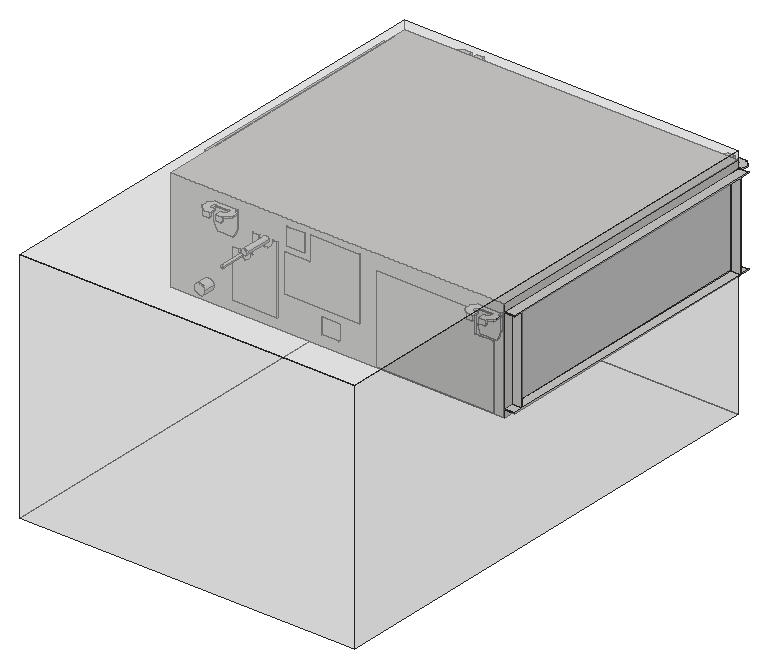
Revit family "outputfile", category 機械設備, Revit 2024
Family settings
  丸型コネクタ寸法 = 半径を使用
  パーツ タイプ = 標準
  OmniClass 番号 = 23.75.10.24.21.27.27
  OmniClass タイトル = Split System Air Conditioning Units
  作業面ベース = いいえ
  常に垂直 = はい
  ロード時にボイドで切り取り = いいえ
  注釈の向きを維持 = いいえ
  共有 = いいえ
  部屋計算ポイント = はい
Parameters (values of type "FBFC60DVM9")
  Description = ""
  製造元 = "Daikin"
  書き出し IFC クラス(タイプ) = "IfcUnitaryEquipmentType"
  定義済み IFC タイプ(タイプ) = "AIRCONDITIONINGUNIT"
  Cost = 0
  モデル = "FBFC60DVM9"
  Type Comments = ""
  Keynote = ""
  Type Image = (empty or 0)
  Assembly Code = ""
  switch_frequency = yes
  r_Liquid Pipe Size = Liquid Pipe Size / 2  # 3.2 mm
  r_Gas Pipe Size = Gas Pipe Size / 2  # 6.35 mm
  r_Drain Pipe Size = Drain Pipe Size / 2  # 12.5 mm
  lw_power = 770.0 mm  # constant formula
  lh_SA = 138.0 mm  # constant formula
  lw_SA = if(Depth = 550.0 mm, 225.0 mm, if(Depth = 700.0 mm, 300.0 mm, if(Depth = 1000.0 mm, 450.0 mm, if(Depth = 1400.0 mm, 650.0 mm, 725.0 mm))))  # 300.0 mm
  lw_RA = if(Depth = 550.0 mm, 275.0 mm, if(Depth = 700.0 mm, 349.0 mm, if(Depth = 1000.0 mm, 499.0 mm, if(Depth = 1400.0 mm, 699.0 mm, 775.0 mm))))  # 349.0 mm
  lh_power = 60.0 mm + [h***]  # 60.0 mm
  lh_mountinghole1 = lh_mountinghole + [h***]  # 222.0 mm
  lh_RA = 123.0 mm  # constant formula
  ld_power = Depth / 2  # 350.0 mm
  connector_voltage = Voltage_50Hz  # 230 V
  connector_powerinput = [Power Input (Cooling)]  # 0.000 kW
  connector_phase = Phase_50Hz  # 1
  Voltage_comment_50Hz = "220 - 240"
  Voltage_50Hz = 230 V
  URL = ""
  Supply Air Direction [instance] = yes
  Sound Power Level_H speed (dB) = 0
  Phase_50Hz = 1
  Minimum External Static Pressure = 30.00 Pa
  Minimum Circuit Amps_50Hz = 0.0 A
  Maximum Fuse Amps_50Hz = 0.0 A
  Maximum External Static Pressure = 130.00 Pa
  Material_Casing = DAIKIN_GalvanizedSteel_Casing_indoorunit
  lw_mountinghole = 630.0 mm  # constant formula
  lh_gaspipe = 183.0 mm + [h***]  # 183.0 mm
  lh_mountinghole = 222.0 mm  # constant formula
  lh_liquidpipe = 136.0 mm + [h***]  # 136.0 mm
  lh_drainpipe = 38.0 mm + [h***]  # 38.0 mm
  lh_antena = Height - lh_mountinghole + 1.0 mm  # 24.0 mm
  ld_drainpipe = Depth / 2 + 26.0 mm  # 376.0 mm
  ld_liquidpipe = Depth / 2 + 69.0 mm  # 419.0 mm
  ld_gaspipe = Depth / 2 + 65.0 mm  # 415.0 mm
  ld_mountinghole = Depth + 38.0 mm  # 738.0 mm
  h*** = 0.0 mm  # constant formula
  lw_liquidpipe = 179.0 mm  # constant formula
  lw_gaspipe = 229.0 mm  # constant formula
  lw_drainpipe = 91.0 mm  # constant formula
  Width = 800.0 mm
  Version = "ver.1.0"
  Unit Type = "M.S.P. Duct"
  Unit Mass Weight = 26.00 kg
  Unit Designation [instance] = ""
  Uniclass2015Version = "Products v1.30"
  Uniclass2015Title = "Split coil room air conditioning units"
  Uniclass2015Code = "Pr_70_65_03_86"
  Total Cooling Capacity [instance] = 0.000 kW
  Sound Pressure Level_M speed (dBA) = 35
  Sound Pressure Level_L speed (dBA) = 30
  Sound Pressure Level_H speed (dBA) = 37
  Series = "SkyAir_Fan Coil Unit"
  Sensible Cooling Capacity [instance] = 0.000 kW
  SA Duct Size Width = 492.0 mm
  SA Duct Size Height = 176.0 mm
  Refrigerant Type = "R32"
  RA Duct Size Width = 654.0 mm
  RA Duct Size Height = 208.0 mm
  Power Input (Cooling) = 0.000 kW
  Option Accessory 3 [instance] = ""
  Option Accessory 2 [instance] = ""
  Option Accessory 1 [instance] = ""
  Nominal Cooling Capacity = 6.000 kW
  Minimum Airflow = 540.00 m³/h
  Median Airflow = 720.00 m³/h
  Maximum Airflow = 930.00 m³/h
  Load Classification = HVAC
  Liquid Pipe Size = 6.4 mm
  Link_Nested Family [instance] = ""
  IfcVersion = ""
  IfcExportType = "AIRCONDITIONINGUNIT"
  IfcExportAs = "IfcUnitaryEquipmentType"
  Height = 245.0 mm
  Heat Exchanger Type = "Cross Fin Coil"
  Gas Pipe Size = 12.7 mm
  Frequency_50Hz = 50 Hz
  Fan Type = "Sirocco Fan"
  Fan Drive = "Direct Drive"
  FCU Tag No. [instance] = ""
  Drain Pipe Size = 25.0 mm
  Design Supply Airflow [instance] = 0.00 m³/h
  Design Return Airflow [instance] = 0.00 m³/h
  Design External Static Pressure [instance] = 0.00 Pa
  Depth = 700.0 mm
  既定の高さ = 0.0 mm
  Cooling Entering Wet Bulb Temperature [instance] = 0.00 °C
  Cooling Entering Dry Bulb Temperature [instance] = 0.00 °C
  Cooling Ambient Wet Bulb Temperature [instance] = 0.00 °C
  Cooling Ambient Dry Bulb Temperature [instance] = 0.00 °C
  Clearance visibility [instance] = yes
  Clearance Top = 20.0 mm
  Clearance Right = 0.0 mm
  Clearance Rear = 0.0 mm
  Clearance Left = 0.0 mm
  Clearance Front = 450.0 mm
  Clearance Bottom = 300.0 mm
Reference planes
  plane 1 "Center (Front/Back)": y = 0
  plane 2 "h": z = 0
  plane 3 "Center (Left/Right)": x = 0
  plane 4 "Back": y = 350
  plane 5 "Front": y = -350
  plane 6 "Left": x = -400
  plane 7 "Right": x = 400
  plane 8 "Top": z = 0
  plane 9 "Bottom": z = -245
  plane 10: y = -215
  plane 11: y = 350
  plane 12: y = -800
  plane 13: x = -400
  plane 14: x = 400
  plane 15: z = 20
  plane 16: z = -545
  plane 17: x = -400
  plane 18: x = -399
  plane 19: x = 399
  plane 20: y = 50
  plane 21: y = -1
  plane 22: z = -122
  plane 23: y = -351
  plane 24: z = -109
  plane 25: x = -221
  plane 26: y = -415
  plane 27: z = -62
  plane 28: x = -171
  plane 29: y = -376
  plane 30: z = -207
  plane 31: x = -309
  plane 32: x = -309
  plane 33: x = -221
  plane 34: x = -171
  plane 35: x = 370
  plane 36: x = -266
  plane 37: x = 364
  plane 38: y = -369
  plane 39: y = 369
  plane 40: z = -23
  plane 41: z = -107
  plane 42: y = -419
  plane 43: y = -376
  plane 44: x = -251
  plane 45: x = -203
  plane 46: x = -144
  plane 47: z = -59
  plane 48: z = -106
  plane 49: z = -221
  plane 50: z = -109
  plane 51: x = -221
  plane 52: z = -62
  plane 53: x = -171
  plane 54: z = -17
  plane 55: z = -59
  plane 56: x = -121
  plane 57: x = -79
  plane 58: x = -125
  plane 59: x = -64
  plane 60: x = 53
  plane 61: z = -164
  plane 62: z = -73
  plane 63: z = -16
  plane 64: x = 93.5
  plane 65: x = 374.5
  plane 66: x = 330
  plane 67: z = -88.5
  plane 68: z = -38
  plane 69: z = -242.5
  plane 70: x = -38.5
  plane 71: x = 6.5
  plane 72: z = -181
  plane 73: z = -221
  plane 74: y = -349
  plane 75: x = -424
  plane 76: x = 424
Forms (mm)
  Extrusion 1, solid, material "DAIKIN_GalvanizedSteel_Casing_indoorunit" <- "Material_Casing"
    sketch origin (0, 0, 0) x (1, 0, 0) y (0, 1, 0)
      loop
        line (-399, 350) -> (-399, -350) -> (399, -350) -> (399, 350) -> (-399, 350)
    from -245 to 0
  Extrusion 2, solid, material "DAIKIN_GalvanizedSteel_Casing_indoorunit" <- "Material_Casing"
    sketch origin (0, 0, 0) x (1, 0, 0) y (0, 0, 1)
      loop
        line (-251, -221) -> (-144, -221) -> (-144, -59) -> (-154.47, -59)
        arc (-154.47, -59) -> (-171, -78.8) -> (-187.53, -59) r 16.8
        line (-187.53, -59) -> (-203, -59) -> (-203, -106) -> (-206.916, -106)
        arc (-206.916, -106) -> (-221, -123.4) -> (-235.084, -106) r 14.4
        line (-235.084, -106) -> (-251, -106) -> (-251, -221)
    from 350 to 351
  Extrusion 3, solid, material "DAIKIN_GalvanizedSteel_Casing_indoorunit" <- "Material_Casing"
    sketch origin (0, 0, 0) x (1, 0, 0) y (0, 0, 1)
      loop
        line (-121, -17) -> (-121, -59) -> (-79, -59) -> (-79, -17) -> (-121, -17)
      loop
        line (-125, -73) -> (-125, -164) -> (53, -164) -> (53, -16) -> (-64, -16) -> (-64, -73) -> (-125, -73)
    from 350 to 351
  Extrusion 4, solid, material "DAIKIN_GalvanizedSteel_Casing_indoorunit" <- "Material_Casing"
    sketch origin (0, 0, 0) x (1, 0, 0) y (0, 0, 1)
      loop
        line (93.5, -38) -> (93.5, -242.5) -> (374.5, -242.5) -> (374.5, -88.5) -> (330, -88.5) -> (330, -38) -> (93.5, -38)
    from 350 to 351
  Extrusion 5, solid, material "DAIKIN_GalvanizedSteel_Casing_indoorunit" <- "Material_Casing"
    sketch origin (0, 0, 0) x (1, 0, 0) y (0, 0, 1)
      loop
        circle (-221, -109) r 3.2
    from 350 to 419
  Extrusion 6, solid, material "DAIKIN_GalvanizedSteel_Casing_indoorunit" <- "Material_Casing"
    sketch origin (0, 0, 0) x (1, 0, 0) y (0, 0, 1)
      loop
        circle (-171, -62) r 6.35
    from 350 to 415
  Extrusion 7, solid, material "DAIKIN_GalvanizedSteel_Casing_indoorunit" <- "Material_Casing"
    sketch origin (0, 0, 0) x (1, 0, 0) y (0, 0, 1)
      loop
        circle (-309, -207) r 12.5
    from 350 to 376
  Extrusion 8, void
    sketch origin (0, 0, 0) x (1, 0, 0) y (0, 0, 1)
      loop
        line (-38.5, -181) -> (-38.5, -221) -> (6.5, -221) -> (6.5, -181) -> (-38.5, -181)
    from 349 to 350
Cuts and joins
  Extrusion 8 cuts Extrusion 1
Dimensions and locks
  "Height": plane 8 "Top" to plane 9 "Bottom"
  equal spacing: plane 4 "Back", plane 1 "Center (Front/Back)", plane 5 "Front"
  "Depth": plane 4 "Back" to plane 5 "Front"
  equal spacing: plane 6 "Left", plane 3 "Center (Left/Right)", plane 7 "Right"
  "Width": plane 6 "Left" to plane 7 "Right"
  "Clearance Left": plane 13 to plane 6 "Left"
  "Clearance Right": plane 7 "Right" to plane 14
  "Clearance Rear": plane 11 to plane 4 "Back"
  "Clearance Front": plane 5 "Front" to plane 12
  "Clearance Top": plane 15 to plane 8 "Top"
  "Clearance Bottom": plane 9 "Bottom" to plane 16
  locked: plane 17 to plane 18 at 1
  locked: plane 19 to plane 14 at 1
  "lw_SA": plane 11 to plane 20
  "lw_RA": plane 21 to plane 5 "Front"
  "lh_RA": plane 22 to plane 9 "Bottom"
  locked: plane 5 "Front" to plane 23 at 1
  "lw_liquidpipe": plane 25 to plane 6 "Left"
  "lh_liquidpipe": plane 24 to plane 9 "Bottom"
  "lh_gaspipe": plane 27 to plane 9 "Bottom"
  "lw_gaspipe": plane 28 to plane 6 "Left"
  "ld_gaspipe": plane 26 to plane 1 "Center (Front/Back)"
  "ld_drainpipe": plane 29 to plane 1 "Center (Front/Back)"
  "lh_drainpipe": plane 30 to plane 9 "Bottom"
  "lw_drainpipe": plane 31 to plane 6 "Left"
  "lw_drainpipe": plane 6 "Left" to plane 32
  "lw_liquidpipe": plane 6 "Left" to plane 33
  "lw_gaspipe": plane 6 "Left" to plane 34
  "lw_power": plane 6 "Left" to plane 35
  locked: plane 17 to plane 36 at 134
  "lw_mountinghole": plane 36 to plane 37
  equal spacing: plane 38, plane 1 "Center (Front/Back)", plane 39
  "ld_mountinghole": plane 39 to plane 38
  "lh_mountinghole": plane 40 to plane 9 "Bottom"
  "lh_SA": plane 41 to plane 9 "Bottom"
  plane 46 to plane 45 to plane 44 to plane 6 "Left" = 59.0 mm, 48.0 mm, 149.0 mm
  plane 8 "Top" to plane 47 to plane 48 to plane 49 = 59.0 mm locked, 47.0 mm locked, 115.0 mm locked
  plane 53 to plane 51 to plane 6 "Left" = 50.0 mm locked, 179.0 mm locked
  plane 52 to plane 50 to plane 9 "Bottom" = 47.0 mm locked, 136.0 mm locked
  plane 57 to plane 56 to plane 6 "Left" = 42.0 mm locked, 279.0 mm locked
  plane 8 "Top" to plane 54 to plane 55 = 17.0 mm locked, 42.0 mm locked
  plane 60 to plane 59 to plane 58 to plane 6 "Left" = 117.0 mm, 61.0 mm, 275.0 mm
  plane 8 "Top" to plane 63 to plane 62 = 16.0 mm locked, 57.0 mm locked
  locked: plane 63 to plane 61 at 148
  plane 8 "Top" to plane 68 to plane 67 to plane 69 = 38.0 mm locked, 50.5 mm locked, 154.0 mm locked
  plane 65 to plane 66 to plane 64 to plane 6 "Left" = 44.5 mm locked, 236.5 mm locked, 493.5 mm locked
  plane 8 "Top" to plane 72 to plane 73 = 181.0 mm locked, 40.0 mm locked
  plane 71 to plane 70 to plane 6 "Left" = 45.0 mm, 361.5 mm
  locked: plane 74 to plane 5 "Front" at 1
  locked: plane 75 to plane 17 at 24
  locked: plane 14 to plane 76 at 24
  "ld_liquidpipe": plane 42 to plane 1 "Center (Front/Back)"
  "r_Liquid Pipe Size": radius of Extrusion 5 sketch curve
  "r_Gas Pipe Size": radius of Extrusion 6 sketch curve
  "r_Drain Pipe Size": radius of Extrusion 7 sketch curve
  aligned and locked: level to plane 2 "h"
  aligned and locked: plane 8 "Top" to Extrusion 1
  aligned and locked: Extrusion 1 to plane 9 "Bottom"
  aligned and locked: nested 5 to plane 12
  aligned and locked: plane 13 to nested 5
  aligned and locked: plane 14 to nested 5
  aligned and locked: nested 5 to plane 13
  aligned and locked: plane 11 to nested 5
  aligned and locked: plane 15 to nested 5
  aligned and locked: plane 16 to nested 5
  aligned and locked: plane 5 "Front" to Extrusion 1 sketch curve
  aligned and locked: Extrusion 1 to plane 18
  aligned and locked: plane 19 to Extrusion 1
  aligned and locked: nested 7 to plane 18
  aligned and locked: nested 7 to plane 20
  aligned and locked: plane 19 to nested 8
  aligned and locked: plane 21 to nested 8
  aligned and locked: plane 22 to nested 8
  aligned and locked: Extrusion 2 to plane 23
  aligned and locked: plane 5 "Front" to Extrusion 2
  aligned and locked: Extrusion 3 to plane 23
  aligned and locked: plane 5 "Front" to Extrusion 3
  aligned and locked: plane 5 "Front" to Extrusion 4
  aligned and locked: Extrusion 5 sketch curve to plane 25
  aligned and locked: plane 24 to Extrusion 5 sketch curve
  aligned and locked: plane 5 "Front" to Extrusion 5
  aligned and locked: Extrusion 6 sketch curve to plane 28
  aligned and locked: plane 27 to Extrusion 6 sketch curve
  aligned and locked: plane 5 "Front" to Extrusion 6
  aligned and locked: Extrusion 7 sketch curve to plane 31
  aligned and locked: plane 30 to Extrusion 7 sketch curve
  aligned and locked: Extrusion 7 to plane 29
  aligned and locked: nested 3 to plane 29
  aligned and locked: plane 32 to nested 3
  aligned and locked: nested 2 to plane 33
  aligned and locked: nested 1 to plane 34
  aligned and locked: Extrusion 6 to plane 26
  aligned and locked: nested 1 to plane 26
  aligned and locked: nested 6 to plane 5 "Front"
  aligned and locked: nested 6 to plane 35
  aligned and locked: plane 36 to nested 10
  aligned and locked: nested 10 to plane 5 "Front"
  aligned and locked: plane 37 to nested 9
  aligned and locked: nested 9 to plane 5 "Front"
  aligned and locked: nested 11 to plane 36
  aligned and locked: plane 4 "Back" to nested 11
  aligned and locked: nested 12 to plane 37
  aligned and locked: plane 4 "Back" to nested 12
  aligned and locked: plane 40 to nested 10
  aligned and locked: plane 40 to nested 11
  aligned and locked: plane 40 to nested 9
  aligned and locked: plane 40 to nested 12
  aligned and locked: plane 36 to nested 14
  aligned and locked: nested 14 to plane 39
  aligned and locked: plane 37 to nested 13
  aligned and locked: nested 13 to plane 39
  aligned and locked: plane 37 to nested 16
  aligned and locked: plane 38 to nested 16
  aligned and locked: plane 38 to nested 15
  aligned and locked: plane 36 to nested 15
  aligned and locked: plane 17 to plane 6 "Left"
  aligned and locked: plane 41 to nested 7
  aligned and locked: Extrusion 5 to plane 42
  aligned and locked: nested 2 to plane 42
  aligned and locked: Extrusion 3 sketch curve to plane 54
  aligned and locked: Extrusion 3 sketch curve to plane 56
  aligned and locked: plane 55 to Extrusion 3 sketch curve
  aligned and locked: plane 57 to Extrusion 3 sketch curve
  aligned and locked: Extrusion 4 to plane 23
  aligned and locked: Extrusion 8 sketch curve to plane 72
  aligned and locked: plane 73 to Extrusion 8 sketch curve
  aligned and locked: plane 71 to Extrusion 8 sketch curve
  aligned and locked: plane 5 "Front" to Extrusion 8
  aligned and locked: plane 74 to Extrusion 8
  aligned and locked: nested 17 to plane 20
  aligned and locked: nested 17 to plane 75
  aligned and locked: plane 21 to nested 18
  aligned and locked: plane 76 to nested 18
  aligned and locked: plane 41 to nested 17
  aligned and locked: nested 18 to plane 22
  aligned and locked: nested 4 to plane 3 "Center (Left/Right)"
  aligned and locked: plane 1 "Center (Front/Back)" to nested 4
  aligned and locked: level to plane 8 "Top"
  aligned and locked: plane 5 "Front" to Extrusion 7
Automatic sketch dimensions
  plane 6 "Left" to Extrusion 1 sketch curve = 1.0 mm
  Extrusion 1 sketch curve to plane 7 "Right" = 1.0 mm
  Extrusion 1 sketch curve to plane 4 "Back" = 0.0 mm
  Extrusion 2 sketch curve to plane 44 = 0.0 mm
  Extrusion 2 sketch curve to plane 33 = 0.0 mm
  Extrusion 2 sketch curve to plane 45 = 0.0 mm
  Extrusion 2 sketch curve to plane 34 = 0.0 mm
  Extrusion 2 sketch curve to plane 46 = 0.0 mm
  Extrusion 2 sketch curve to plane 49 = 0.0 mm
  Extrusion 2 sketch curve to plane 50 = 0.0 mm
  Extrusion 2 sketch curve to plane 48 = 0.0 mm  (x3)
  Extrusion 2 sketch curve to plane 52 = 0.0 mm
  Extrusion 2 sketch curve to plane 47 = 0.0 mm  (x3)
  plane 33 to Extrusion 2 sketch curve = 14.084 mm
  plane 34 to Extrusion 2 sketch curve = 16.53 mm
  Extrusion 3 sketch curve to plane 58 = 0.0 mm
  Extrusion 3 sketch curve to plane 59 = 0.0 mm
  Extrusion 3 sketch curve to plane 60 = 0.0 mm
  Extrusion 3 sketch curve to plane 61 = 0.0 mm
  Extrusion 3 sketch curve to plane 62 = 0.0 mm
  Extrusion 3 sketch curve to plane 63 = 0.0 mm
  Extrusion 4 sketch curve to plane 64 = 0.0 mm
  Extrusion 4 sketch curve to plane 66 = 0.0 mm
  Extrusion 4 sketch curve to plane 65 = 0.0 mm
  Extrusion 4 sketch curve to plane 69 = 0.0 mm
  Extrusion 4 sketch curve to plane 67 = 0.0 mm
  Extrusion 4 sketch curve to plane 68 = 0.0 mm
  Extrusion 8 sketch curve to plane 70 = 0.0 mm
Nested families
  nested 1: "daikin_connector_rotate2" at (-171, 0, -62), length <- "ld_gaspipe", built-in parameter 1001364 <- "lh_gaspipe", radius <- "r_Gas Pipe Size", type "daikin_connector_rotate2"
    with radius 6.35 mm, length 415.0 mm, angle_vertical 90.00°
  nested 2: "daikin_connector_rotate2" at (-221, 0, -109), length <- "ld_liquidpipe", built-in parameter 1001364 <- "lh_liquidpipe", radius <- "r_Liquid Pipe Size", type "daikin_connector_rotate2"
    with radius 3.2 mm, length 419.0 mm, angle_vertical 90.00°
  nested 3: "daikin_connector_rotate2" at (-309, 0, -207), length <- "ld_drainpipe", built-in parameter 1001364 <- "lh_drainpipe", radius <- "r_Drain Pipe Size", type "daikin_connector_rotate2"
    with radius 12.5 mm, length 376.0 mm, angle_vertical 90.00°
  nested 4: "daikin_△_symbolicline" at (0, 0, 245) x (0, -1, 0) z (0, 0, 1), built-in parameter 1001364 <- "Height", visible <- "Supply Air Direction", type "daikin_△_symbolicline"
    with length 200.0 mm
  nested 5: "daikin_clearancespace" at (0, -225, -262.381), visible <- "Clearance visibility", show <- "Clearance visibility", Link_Nested Family <- "Link_Nested Family", type "daikin_clearancespace"
    with width 800.0 mm, show yes, height 565.0 mm, depth 1150.0 mm, Link_Nested Family ""
  nested 6: "daikin_connector_rotate2" at (370, 0, -185), built-in parameter 1001364 <- "lh_power", length <- "ld_power", type "daikin_connector_rotate2"
    with radius 10.0 mm, length 350.0 mm, angle_vertical 90.00°
  nested 7: "daikin_ductflange_FBFC-DVM92" at (-399, 50, -107) x (0, -1, 0) z (0, 0, 1), type "daikin_ductflange_FBFC-DVM92"
    with width 492.0 mm, w 700.0 mm
  nested 8: "daikin_ductflange_FBFC-DVM9" at (399, -1, -122) x (0, 1, 0) z (0, 0, 1), type "daikin_ductflange_FBFC-DVM9"
  nested 9: "daikin_hangerfixture_FBFC-DVM9" at (364, -350, -23), type "daikin_hangerfixture_FBFC-DVM9"
  nested 10: "daikin_hangerfixture_FBFC-DVM9" at (-266, -350, -23), type "daikin_hangerfixture_FBFC-DVM9"
  nested 11: "daikin_hangerfixture_FBFC-DVM9" at (-266, 350, -23) x (-1, 0, 0) z (0, 0, 1), type "daikin_hangerfixture_FBFC-DVM9"
  nested 12: "daikin_hangerfixture_FBFC-DVM9" at (364, 350, -23) x (-1, 0, 0) z (0, 0, 1), type "daikin_hangerfixture_FBFC-DVM9"
  nested 13: "daikin_mountinghole" at (364, 369, -245), h_mountinghole <- "lh_mountinghole1", l_antenna <- "lh_antena", Link_Nested Family <- "Link_Nested Family", type "daikin_mountinghole"
    with show yes, l_antenna 24.0 mm, h_mountinghole 222.0 mm, Link_Nested Family ""
  nested 14: "daikin_mountinghole" at (-266, 369, -245), h_mountinghole <- "lh_mountinghole1", l_antenna <- "lh_antena", Link_Nested Family <- "Link_Nested Family", type "daikin_mountinghole"
    with show yes, l_antenna 24.0 mm, h_mountinghole 222.0 mm, Link_Nested Family ""
  nested 15: "daikin_mountinghole" at (-266, -369, -245), h_mountinghole <- "lh_mountinghole1", l_antenna <- "lh_antena", Link_Nested Family <- "Link_Nested Family", type "daikin_mountinghole"
    with show yes, l_antenna 24.0 mm, h_mountinghole 222.0 mm, Link_Nested Family ""
  nested 16: "daikin_mountinghole" at (364, -369, -245), h_mountinghole <- "lh_mountinghole1", l_antenna <- "lh_antena", Link_Nested Family <- "Link_Nested Family", type "daikin_mountinghole"
    with show yes, l_antenna 24.0 mm, h_mountinghole 222.0 mm, Link_Nested Family ""
  nested 17: "daikin_connector_rotate2" at (-400, 50, -107) x (0, -1, 0) z (0, 0, 1), type "daikin_connector_rotate2"
    with radius 10.0 mm, length 24.0 mm, angle_vertical 90.00°
  nested 18: "daikin_connector_rotate2" at (400, -1, -122) x (0, 1, 0) z (0, 0, 1), type "daikin_connector_rotate2"
    with radius 10.0 mm, length 24.0 mm, angle_vertical 90.00°
Connectors
  piping at (-309, -376, -207), diameter 25, driven by "r_Drain Pipe Size"
    settings: on nested 3, index 3, connector inside diameter 609.6 mm, connector length 0.0 mm, flow factor 0, pipe flow 0.00 m³/h, pressure drop 0.0 Pa, fitting loss kfactor 0, connector angle 0.00°, fixture units 0, engagement length 0.0 mm, angle of deflection 0.00°, flow configuration 1, flow direction 2, fitting loss method 4, system type 16, joint type 0, gender type 0, connector reference index -1, connector utility 0, adjustable connector no, is connector primary yes, connector description "Condensate Drain Piping"
  piping at (-171, -415, -62), diameter 12.7, driven by "r_Gas Pipe Size"
    settings: on nested 1, index 4, connector inside diameter 609.6 mm, connector length 0.0 mm, flow factor 0, pipe flow 0.00 m³/h, pressure drop 0.0 Pa, fitting loss kfactor 0, connector angle 0.00°, fixture units 0, engagement length 0.0 mm, angle of deflection 0.00°, flow configuration 1, flow direction 2, fitting loss method 0, system type 29, joint type 0, gender type 0, connector reference index -1, connector utility 0, adjustable connector no, is connector primary no, connector description "Refrigerant Gas Piping"
  piping at (-221, -419, -109), diameter 6.4, driven by "r_Liquid Pipe Size"
    settings: on nested 2, index 5, connector inside diameter 609.6 mm, connector length 0.0 mm, flow factor 0, pipe flow 0.00 m³/h, pressure drop 0.0 Pa, fitting loss kfactor 0, connector angle 0.00°, fixture units 0, engagement length 0.0 mm, angle of deflection 0.00°, flow configuration 1, flow direction 1, fitting loss method 0, system type 29, joint type 0, gender type 0, connector reference index -1, connector utility 0, adjustable connector no, is connector primary no, connector description "Refrigerant Liquid Piping"
  electrical at (370, -350, -185), driven by "Load Classification", driven by "connector_phase", driven by "connector_powerinput", driven by "connector_voltage"
    settings: on nested 6, index 6, voltage 230 V, apparent load 0 VA, apparent load phase1 0 VA, apparent load phase2 0 VA, apparent load phase3 0 VA, power factor 1, load classification "HVAC", number of poles 1, system type 30, power factor state 1, is connector primary yes, connector utility no, sub classification motor no, connector description "Power Supply"
  hvac at (-424, 50, -107), driven by "SA Duct Size Height", driven by "SA Duct Size Width"
    settings: on nested 17, index 7, duct flow 0.00 m³/h, flow factor 0, pres drop 0.00 Pa, loss coef 0, conn angle 0.00°, conn width 492.0 mm, conn height 176.0 mm, conn diameter 609.6 mm, duct sys type 1, conn prof type 1, flow config 0, flow direction 2, loss method 4, conn ref index -1, conn util no, is conn primary yes, conn desc "SA Duct"
  hvac at (424, -1, -122), driven by "RA Duct Size Height", driven by "RA Duct Size Width"
    settings: on nested 18, index 8, duct flow 0.00 m³/h, flow factor 0, pres drop 0.00 Pa, loss coef 0, conn angle 0.00°, conn width 654.0 mm, conn height 208.0 mm, conn diameter 609.6 mm, duct sys type 2, conn prof type 1, flow config 0, flow direction 1, loss method 4, conn ref index -1, conn util no, is conn primary no, conn desc "RA Duct"
Definition of nested family "daikin_clearancespace"
  Parameters (values of type "daikin_clearancespace")
    Description = "daikin_clearancespace"
    width [instance] = 1823.963 mm
    show [instance] = yes
    material = none
    height [instance] = 1359.762 mm
    depth [instance] = 880.0 mm
    Default Elevation = 0.0 mm
    Link_Nested Family [instance] = ""
  Reference planes
    plane 1 "Center (Front/Back)": y = 0
    plane 2 "Center (Elevation)": z = -0.119
    plane 3 "Center (Left/Right)": x = 0
    plane 4: y = 440
    plane 5: y = -440
    plane 6 "Right": x = 911.982
    plane 7 "Left": x = -911.982
    plane 8 "Top": z = 679.762
    plane 9 "Bottom": z = -680
  Forms (mm)
    Extrusion 1, solid, material <- "material", visible <- "show"
      sketch origin (0, 0, 0) x (1, 0, 0) y (0, 1, 0)
        loop
          line (-911.982, 440) -> (-911.982, -440) -> (911.982, -440) -> (911.982, 440) -> (-911.982, 440)
      from -680 to 679.762
  Lines and regions (mm)
    symbolic lines, visible <- "show"
      curve 1: line (911.982, 440, 0) -> (-911.982, 440, 0)
      curve 2: line (-911.982, 440, 0) -> (-911.982, -440, 0)
      curve 3: line (-911.982, -440, 0) -> (911.982, -440, 0)
      curve 4: line (911.982, -440, 0) -> (911.982, 440, 0)
      curve 5: line (911.982, 0, 679.762) -> (-911.982, 0, 679.762)
      curve 6: line (911.982, 0, -680) -> (911.982, 0, 679.762)
      curve 7: line (-911.982, 0, -680) -> (911.982, 0, -680)
      curve 8: line (-911.982, 0, 679.762) -> (-911.982, 0, -680)
      curve 9: line (0, 440, 679.762) -> (0, -440, 679.762)
      curve 10: line (0, -440, 679.762) -> (0, -440, -680)
      curve 11: line (0, 440, -680) -> (0, 440, 679.762)
      curve 12: line (0, -440, -680) -> (0, 440, -680)
  Dimensions and locks
    "width": plane 7 "Left" to plane 6 "Right"
    "depth": plane 4 to plane 5
    "height": plane 8 "Top" to plane 9 "Bottom"
    equal spacing: plane 7 "Left", plane 3 "Center (Left/Right)", plane 6 "Right"
    equal spacing: plane 4, plane 1 "Center (Front/Back)", plane 5
    equal spacing: plane 8 "Top", plane 2 "Center (Elevation)", plane 9 "Bottom"
    aligned and locked: level to plane 2 "Center (Elevation)"
    aligned and locked: Extrusion 1 sketch curve to plane 4
    aligned and locked: plane 7 "Left" to Extrusion 1 sketch curve
    aligned and locked: Extrusion 1 sketch curve to plane 5
    aligned and locked: Extrusion 1 sketch curve to plane 6 "Right"
    aligned and locked: plane 8 "Top" to Extrusion 1
    aligned and locked: curve 1 to Extrusion 1
    aligned and locked: curve 2 to Extrusion 1
    aligned and locked: curve 3 to Extrusion 1
    aligned and locked: curve 4 to Extrusion 1
    aligned and locked: curve 5 to Extrusion 1
    aligned and locked: curve 6 to Extrusion 1
    aligned and locked: curve 7 to Extrusion 1
    aligned and locked: curve 8 to Extrusion 1
    aligned and locked: curve 9 to Extrusion 1
    aligned and locked: curve 10 to Extrusion 1
    aligned and locked: curve 11 to Extrusion 1
    aligned and locked: curve 12 to Extrusion 1
    aligned and locked: Extrusion 1 to plane 9 "Bottom"
Definition of nested family "daikin_ductflange_FBFC-DVM92"
  Parameters (values of type "daikin_ductflange_FBFC-DVMG2")
    width = if(w = 550.0 mm, 337.0 mm, if(w = 700.0 mm, 492.0 mm, if(w = 1000.0 mm, 792.0 mm, if(w = 1400.0 mm, 1192.0 mm, 1337.0 mm))))  # 1192.0 mm
    material = none
    height = 215.0 mm
    depth = 1.0 mm
    w = 1400.0 mm
    Default Elevation = 0.0 mm
  Reference planes
    plane 1 "Center (Front/Back)": y = 0
    plane 2: z = 0
    plane 3 "Center (Left/Right)": x = 0
    plane 4: z = 88
    plane 5: z = -88
    plane 6: y = -25
    plane 7: z = 106
    plane 8: z = 89
    plane 9: y = -1
    plane 10: x = -617.5
    plane 11: x = 617.5
    plane 12: z = -106
    plane 13: z = -89
    plane 14: y = -1
    plane 15: x = 596
    plane 16: x = -596
    plane 17: x = 597
    plane 18: z = 87
    plane 19: z = -87
    plane 20: x = -597
    plane 21: z = 87
    plane 22: z = -87
    plane 23: y = -1
  Forms (mm)
    Extrusion 1, solid, material <- "material"
      sketch origin (0, 0, 0) x (0, 1, 0) y (0, 0, 1)
        loop
          line (-25, 88) -> (0, 88) -> (0, 106) -> (-1, 106) -> (-1, 89) -> (-25, 89) -> (-25, 88)
      from -617.5 to 617.5
    Extrusion 2, solid, material <- "material"
      sketch origin (0, 0, 0) x (0, 1, 0) y (0, 0, 1)
        loop
          line (-25, -88) -> (-25, -89) -> (-1, -89) -> (-1, -106) -> (0, -106) -> (0, -88) -> (-25, -88)
      from -617.5 to 617.5
    Extrusion 3, solid, material <- "material"
      sketch origin (0, 0, 0) x (1, 0, 0) y (0, 0, 1)
        loop
          line (596, 88) -> (596, -88) -> (617.5, -88) -> (617.5, -87) -> (597, -87) -> (597, 87) -> (617.5, 87) -> (617.5, 88) -> (596, 88)
      from 0 to 25
    Extrusion 4, solid, material <- "material"
      sketch origin (0, 0, 0) x (1, 0, 0) y (0, 0, 1)
        loop
          line (-617.5, 88) -> (-617.5, 87) -> (-597, 87) -> (-597, -87) -> (-617.5, -87) -> (-617.5, -88) -> (-596, -88) -> (-596, 88) -> (-617.5, 88)
      from 0 to 25
    Extrusion 5, solid, material <- "material"
      sketch origin (0, 0, 0) x (1, 0, 0) y (0, 0, 1)
        loop
          line (-617.5, 88) -> (-617.5, -88) -> (-596, -88) -> (-596, 88) -> (-617.5, 88)
        loop
          line (617.5, 88) -> (596, 88) -> (596, -88) -> (617.5, -88) -> (617.5, 88)
      from 0 to 1
  Cuts and joins
    joined: Extrusion 1, Extrusion 2, Extrusion 3, Extrusion 4, Extrusion 5
  Dimensions and locks
    plane 4 to level to plane 5 = 88.0 mm, 88.0 mm
    locked: plane 6 to plane 1 "Center (Front/Back)" at 25
    locked: plane 9 to plane 1 "Center (Front/Back)" at 1
    locked: plane 8 to plane 4 at 1
    locked: plane 16 to plane 10 at 21.5
    locked: plane 17 to plane 15 at 1
    locked: plane 4 to plane 18 at 1
    locked: plane 19 to plane 5 at 1
    "width": plane 15 to plane 16
    plane 4 to plane 5 = 176.0 mm
    locked: plane 16 to plane 20 at 1
    locked: plane 4 to plane 21 at 1
    locked: plane 22 to plane 5 at 1
    locked: plane 23 to plane 1 "Center (Front/Back)" at 1
    plane 4 to level to plane 5 = 88.0 mm locked, 88.0 mm locked
    locked: plane 5 to plane 13 at 1
    locked: plane 5 to plane 12 at 18
    locked: plane 7 to plane 4 at 18
    equal spacing: plane 15, plane 3 "Center (Left/Right)", plane 16
    locked: plane 11 to plane 15 at 21.5
    plane 11 to plane 10 = 1235.0 mm
    aligned and locked: level to plane 2
    aligned and locked: Extrusion 1 to plane 10
    aligned and locked: plane 11 to Extrusion 1
    aligned and locked: plane 5 to Extrusion 2
    aligned and locked: Extrusion 2 to plane 1 "Center (Front/Back)"
    aligned and locked: plane 15 to Extrusion 3 sketch curve
    aligned and locked: Extrusion 3 sketch curve to Extrusion 2  (x2)
    aligned and locked: Extrusion 3 sketch curve to plane 11
    aligned and locked: plane 6 to Extrusion 3
    aligned and locked: Extrusion 2 to plane 10
    aligned and locked: plane 11 to Extrusion 2
    aligned and locked: Extrusion 4 sketch curve to Extrusion 1  (x2)
    aligned and locked: plane 5 to Extrusion 4 sketch curve
    aligned and locked: Extrusion 4 sketch curve to plane 16
    aligned and locked: Extrusion 4 sketch curve to plane 22
    aligned and locked: plane 20 to Extrusion 4 sketch curve
    aligned and locked: plane 21 to Extrusion 4 sketch curve
    aligned and locked: Extrusion 4 to plane 1 "Center (Front/Back)"
    aligned and locked: plane 6 to Extrusion 4
    aligned and locked: Extrusion 5 sketch curve to Extrusion 1  (x4)
    aligned and locked: Extrusion 5 sketch curve to Extrusion 4  (x2)
    aligned and locked: Extrusion 5 sketch curve to Extrusion 3  (x2)
    aligned and locked: Extrusion 5 to plane 1 "Center (Front/Back)"
    aligned and locked: plane 23 to Extrusion 5
  Automatic sketch dimensions
    Extrusion 1 sketch curve to plane 6 = 0.0 mm
    Extrusion 1 sketch curve to plane 7 = 0.0 mm
    Extrusion 1 sketch curve to plane 9 = 0.0 mm
    Extrusion 1 sketch curve to plane 1 "Center (Front/Back)" = 0.0 mm
    Extrusion 1 sketch curve to plane 4 = 0.0 mm
    Extrusion 1 sketch curve to plane 8 = 0.0 mm
    Extrusion 2 sketch curve to plane 6 = 0.0 mm
    plane 12 to Extrusion 2 sketch curve = 0.0 mm
    Extrusion 2 sketch curve to plane 14 = 0.0 mm
    Extrusion 2 sketch curve to plane 1 "Center (Front/Back)" = 0.0 mm
    plane 13 to Extrusion 2 sketch curve = 0.0 mm
    Extrusion 2 sketch curve to plane 5 = 0.0 mm
    Extrusion 3 sketch curve to plane 17 = 0.0 mm
    Extrusion 3 sketch curve to plane 19 = 0.0 mm
    Extrusion 3 sketch curve to plane 18 = 0.0 mm
    Extrusion 3 sketch curve to plane 4 = 0.0 mm
    Extrusion 4 sketch curve to plane 10 = 0.0 mm
Definition of nested family "daikin_ductflange_FBFC-DVM9"
  Parameters (values of type "daikin_ductflange_FBFC-DVMG")
    width = if(w = 550.0 mm, 502.0 mm, if(w = 700.0 mm, 654.0 mm, if(w = 1000.0 mm, 952.0 mm, if(w = 1400.0 mm, 1352.0 mm, 1502.0 mm))))  # 654.0 mm
    material = none
    lw = if(width = 654.0 mm, 23.0 mm, 25.0 mm)  # 23.0 mm
    height = 208.0 mm
    depth = 1.0 mm
    w = 700.0 mm
    Default Elevation = 0.0 mm
  Reference planes
    plane 1 "Center (Front/Back)": y = 0
    plane 2: z = 0
    plane 3 "Center (Left/Right)": x = 0
    plane 4: z = 104
    plane 5: z = -104
    plane 6: y = -25
    plane 7: z = 121
    plane 8: z = 105
    plane 9: y = -1
    plane 10: x = -350
    plane 11: x = 350
    plane 12: z = -122
    plane 13: z = -105
    plane 14: y = -1
    plane 15: x = 327
    plane 16: x = -327
    plane 17: x = 328
    plane 18: z = 103
    plane 19: z = -103
    plane 20: x = -328
    plane 21: z = 103
    plane 22: z = -103
    plane 23: y = -1
  Forms (mm)
    Extrusion 1, solid, material <- "material"
      sketch origin (0, 0, 0) x (0, 1, 0) y (0, 0, 1)
        loop
          line (-25, 104) -> (0, 104) -> (0, 121) -> (-1, 121) -> (-1, 105) -> (-25, 105) -> (-25, 104)
      from -350 to 350
    Extrusion 2, solid, material <- "material"
      sketch origin (0, 0, 0) x (0, 1, 0) y (0, 0, 1)
        loop
          line (-25, -104) -> (-25, -105) -> (-1, -105) -> (-1, -122) -> (0, -122) -> (0, -104) -> (-25, -104)
      from -350 to 350
    Extrusion 3, solid, material <- "material"
      sketch origin (0, 0, 0) x (1, 0, 0) y (0, 0, 1)
        loop
          line (327, 104) -> (327, -104) -> (350, -104) -> (350, -103) -> (328, -103) -> (328, 103) -> (350, 103) -> (350, 104) -> (327, 104)
      from 0 to 25
    Extrusion 4, solid, material <- "material"
      sketch origin (0, 0, 0) x (1, 0, 0) y (0, 0, 1)
        loop
          line (-350, 104) -> (-350, 103) -> (-328, 103) -> (-328, -103) -> (-350, -103) -> (-350, -104) -> (-327, -104) -> (-327, 104) -> (-350, 104)
      from 0 to 25
    Extrusion 5, solid, material <- "material"
      sketch origin (0, 0, 0) x (1, 0, 0) y (0, 0, 1)
        loop
          line (-350, 104) -> (-350, -104) -> (-327, -104) -> (-327, 104) -> (-350, 104)
        loop
          line (350, 104) -> (327, 104) -> (327, -104) -> (350, -104) -> (350, 104)
      from 0 to 1
  Cuts and joins
    joined: Extrusion 1, Extrusion 2, Extrusion 3, Extrusion 4, Extrusion 5
  Dimensions and locks
    plane 4 to level to plane 5 = 104.0 mm, 104.0 mm
    locked: plane 6 to plane 1 "Center (Front/Back)" at 25
    locked: plane 9 to plane 1 "Center (Front/Back)" at 1
    locked: plane 8 to plane 4 at 1
    "lw": plane 11 to plane 15
    "lw": plane 16 to plane 10
    locked: plane 17 to plane 15 at 1
    locked: plane 4 to plane 18 at 1
    locked: plane 19 to plane 5 at 1
    "width": plane 15 to plane 16
    equal spacing: plane 15, plane 3 "Center (Left/Right)", plane 16
    locked: plane 16 to plane 20 at 1
    locked: plane 4 to plane 21 at 1
    locked: plane 22 to plane 5 at 1
    locked: plane 23 to plane 1 "Center (Front/Back)" at 1
    locked: plane 7 to plane 4 at 17
    locked: plane 1 "Center (Front/Back)" to plane 14 at 1
    locked: plane 5 to plane 13 at 1
    "height": plane 4 to plane 5
    plane 11 to plane 10 = 700.0 mm
    locked: plane 12 to plane 13 at 17
    equal spacing: plane 4, level, plane 5
    aligned and locked: level to plane 2
    aligned and locked: Extrusion 1 to plane 10
    aligned and locked: plane 11 to Extrusion 1
    aligned and locked: plane 5 to Extrusion 2
    aligned and locked: Extrusion 2 to plane 1 "Center (Front/Back)"
    aligned and locked: plane 15 to Extrusion 3 sketch curve
    aligned and locked: Extrusion 3 sketch curve to Extrusion 2  (x2)
    aligned and locked: Extrusion 3 sketch curve to plane 11
    aligned and locked: plane 6 to Extrusion 3
    aligned and locked: Extrusion 2 to plane 10
    aligned and locked: plane 11 to Extrusion 2
    aligned and locked: Extrusion 4 sketch curve to Extrusion 1  (x2)
    aligned and locked: plane 5 to Extrusion 4 sketch curve
    aligned and locked: Extrusion 4 sketch curve to plane 16
    aligned and locked: Extrusion 4 sketch curve to plane 22
    aligned and locked: plane 20 to Extrusion 4 sketch curve
    aligned and locked: plane 21 to Extrusion 4 sketch curve
    aligned and locked: Extrusion 4 to plane 1 "Center (Front/Back)"
    aligned and locked: plane 6 to Extrusion 4
    aligned and locked: Extrusion 5 sketch curve to Extrusion 1  (x4)
    aligned and locked: Extrusion 5 sketch curve to Extrusion 4  (x2)
    aligned and locked: Extrusion 5 sketch curve to Extrusion 3  (x2)
    aligned and locked: Extrusion 5 to plane 1 "Center (Front/Back)"
    aligned and locked: plane 23 to Extrusion 5
  Automatic sketch dimensions
    Extrusion 1 sketch curve to plane 6 = 0.0 mm
    Extrusion 1 sketch curve to plane 7 = 0.0 mm
    Extrusion 1 sketch curve to plane 9 = 0.0 mm
    Extrusion 1 sketch curve to plane 1 "Center (Front/Back)" = 0.0 mm
    Extrusion 1 sketch curve to plane 4 = 0.0 mm
    Extrusion 1 sketch curve to plane 8 = 0.0 mm
    Extrusion 2 sketch curve to plane 6 = 0.0 mm
    plane 12 to Extrusion 2 sketch curve = 0.0 mm
    Extrusion 2 sketch curve to plane 14 = 0.0 mm
    Extrusion 2 sketch curve to plane 1 "Center (Front/Back)" = 0.0 mm
    plane 13 to Extrusion 2 sketch curve = 0.0 mm
    Extrusion 2 sketch curve to plane 5 = 0.0 mm
    Extrusion 3 sketch curve to plane 17 = 0.0 mm
    Extrusion 3 sketch curve to plane 19 = 0.0 mm
    Extrusion 3 sketch curve to plane 18 = 0.0 mm
    Extrusion 3 sketch curve to plane 4 = 0.0 mm
    Extrusion 4 sketch curve to plane 10 = 0.0 mm
Definition of nested family "daikin_hangerfixture_FBFC-DVM9"
  Parameters (values of type "daikin_hangerfixture_FXMQ-PAVE")
    width = 72.0 mm
    material = none
    height = 60.0 mm
    depth = 41.0 mm
    Default Elevation = 0.0 mm
  Reference planes
    plane 1 "Center (Front/Back)": y = 0
    plane 2: z = 0
    plane 3 "Center (Left/Right)": x = 0
    plane 4: y = 417.146
    plane 5: y = -41
    plane 6: x = -36
    plane 7: x = 36
    plane 8: z = -2.3
    plane 9: z = -60
    plane 10: y = -2.3
    plane 11: z = -12
    plane 12: y = -38.7
  Forms (mm)
    Extrusion 1, solid, material <- "material"
      sketch origin (0, 0, 0) x (1, 0, 0) y (0, 1, 0)
        loop
          line (-28, 0) -> (-28, -5)
          arc (-28, -5) -> (-29.127, -8.162) -> (-32, -9.899) r 5
          arc (-32, -9.899) -> (-34.873, -11.636) -> (-36, -14.798) r 5
          line (-36, -14.798) -> (-36, -27.178)
          arc (-36, -27.178) -> (-35.429, -29.499) -> (-33.846, -31.289) r 5
          line (-33.846, -31.289) -> (-23, -38.798) -> (-23, -41.098) -> (-6.5, -41.098) -> (-6.5, -28.498)
          arc (-6.5, -28.498) -> (-7.379, -26.377) -> (-9.5, -25.498) r 3
          line (-9.5, -25.498) -> (-13.5, -25.498)
          arc (-13.5, -25.498) -> (-20, -18.998) -> (-13.5, -12.498) r 6.5
          line (-13.5, -12.498) -> (13.5, -12.498)
          arc (13.5, -12.498) -> (20, -18.998) -> (13.5, -25.498) r 6.5
          line (13.5, -25.498) -> (9.5, -25.498)
          arc (9.5, -25.498) -> (7.379, -26.377) -> (6.5, -28.498) r 3
          line (6.5, -28.498) -> (6.5, -41.098) -> (23, -41.098) -> (23, -38.798) -> (33.846, -31.289)
          arc (33.846, -31.289) -> (35.429, -29.499) -> (36, -27.178) r 5
          line (36, -27.178) -> (36, -14.596)
          arc (36, -14.596) -> (34.873, -11.434) -> (32, -9.697) r 5
          arc (32, -9.697) -> (29.127, -7.96) -> (28, -4.798) r 5
          line (28, -4.798) -> (28, 0) -> (-28, 0)
      from 0 to -2.3
    Extrusion 2, solid, material <- "material"
      sketch origin (0, 0, 0) x (1, 0, 0) y (0, 0, 1)
        loop
          line (28, -39.037) -> (28, 0) -> (-28, 0) -> (-28, -39.037)
          arc (-28, -39.037) -> (-27.91, -39.983) -> (-27.642, -40.894) r 5
          line (-27.642, -40.894) -> (-21.257, -56.857)
          arc (-21.257, -56.857) -> (-19.418, -59.14) -> (-16.615, -60) r 5
          line (-16.615, -60) -> (16.615, -60)
          arc (16.615, -60) -> (19.418, -59.14) -> (21.257, -56.857) r 5
          line (21.257, -56.857) -> (27.642, -40.894)
          arc (27.642, -40.894) -> (27.91, -39.983) -> (28, -39.037) r 5
      from 0 to 2.3
    Extrusion 3, solid, material <- "material"
      sketch origin (0, 0, 0) x (1, 0, 0) y (0, 0, 1)
        loop
          line (-23, 0) -> (-23, -9)
          arc (-23, -9) -> (-22.121, -11.121) -> (-20, -12) r 3
          line (-20, -12) -> (-9.5, -12)
          arc (-9.5, -12) -> (-7.379, -11.121) -> (-6.5, -9) r 3
          line (-6.5, -9) -> (-6.5, 0) -> (-23, 0)
        loop
          line (23, 0) -> (6.5, 0) -> (6.5, -9)
          arc (6.5, -9) -> (7.379, -11.121) -> (9.5, -12) r 3
          line (9.5, -12) -> (20, -12)
          arc (20, -12) -> (22.121, -11.121) -> (23, -9) r 3
          line (23, -9) -> (23, 0)
      from 38.8 to 41.098
  Cuts and joins
    joined: Extrusion 1, Extrusion 2, Extrusion 3
  Dimensions and locks
    plane 2 to plane 8 = 2.3 mm
    "height": plane 2 to plane 9
    locked: plane 10 to plane 1 "Center (Front/Back)" at 2.3
    locked: plane 2 to plane 11 at 12
    locked: plane 12 to plane 5 at 2.3
    aligned and locked: level to plane 2
    aligned and locked: Extrusion 1 to plane 8
    aligned and locked: plane 2 to Extrusion 1
    aligned and locked: plane 2 to Extrusion 2 sketch curve
    aligned and locked: Extrusion 2 to plane 10
    aligned and locked: Extrusion 2 to plane 1 "Center (Front/Back)"
    aligned and locked: Extrusion 3 sketch curve to cut or joined group of Extrusion 1, Extrusion 2, Extrusion 3  (x3)
    aligned and locked: cut or joined group of Extrusion 1, Extrusion 2, Extrusion 3 to Extrusion 3
  Automatic sketch dimensions
    Extrusion 2 sketch curve to plane 7 = 8.0 mm
    Extrusion 2 sketch curve to plane 8 = 36.737 mm
    plane 6 to Extrusion 2 sketch curve = 19.385 mm
    Extrusion 1 sketch curve to plane 6 = 0.0 mm
    plane 1 "Center (Front/Back)" to Extrusion 1 sketch curve = 0.0 mm
    Extrusion 1 sketch curve to plane 7 = 0.0 mm
    plane 6 to Extrusion 1 sketch curve = 2.154 mm
    plane 6 to Extrusion 1 sketch curve = 3.0 mm
    Extrusion 1 sketch curve to Extrusion 1 sketch curve = 5.0 mm  (x3)
    Extrusion 1 sketch curve to plane 12 = 0.098 mm  (x2)
    Extrusion 1 sketch curve to Extrusion 1 sketch curve = 4.0 mm  (x2)
    Extrusion 1 sketch curve to plane 5 = 0.098 mm  (x2)
    Extrusion 1 sketch curve to plane 3 "Center (Left/Right)" = 6.5 mm
    plane 3 "Center (Left/Right)" to Extrusion 1 sketch curve = 6.5 mm
    Extrusion 1 sketch curve to Extrusion 1 sketch curve = 3.0 mm
    Extrusion 1 sketch curve to plane 7 = 8.0 mm
    Extrusion 1 sketch curve to plane 7 = 5.0 mm
    Extrusion 1 sketch curve to plane 7 = 3.0 mm
    Extrusion 1 sketch curve to plane 7 = 2.154 mm
    plane 12 to Extrusion 1 sketch curve = 7.411 mm  (x2)
    plane 12 to Extrusion 1 sketch curve = 10.202 mm  (x2)
    Extrusion 1 sketch curve to Extrusion 1 sketch curve = 6.5 mm  (x2)
    Extrusion 1 sketch curve to Extrusion 1 sketch curve = 12.38 mm
    Extrusion 1 sketch curve to plane 10 = 12.296 mm
    Extrusion 1 sketch curve to plane 10 = 2.7 mm
    Extrusion 1 sketch curve to plane 10 = 2.498 mm
    plane 6 to Extrusion 1 sketch curve = 4.0 mm
    Extrusion 1 sketch curve to Extrusion 1 sketch curve = 0.0 mm  (x2)
    Extrusion 1 sketch curve to plane 7 = 4.0 mm
    Extrusion 1 sketch curve to Extrusion 1 sketch curve = 4.111 mm
    Extrusion 3 sketch curve to level = 0.0 mm  (x2)
    Extrusion 3 sketch curve to plane 11 = 0.0 mm  (x2)
    plane 11 to Extrusion 3 sketch curve = 3.0 mm  (x2)
    plane 3 "Center (Left/Right)" to Extrusion 3 sketch curve = 6.5 mm
    Extrusion 3 sketch curve to Extrusion 3 sketch curve = 3.0 mm  (x2)
    Extrusion 2 sketch curve to plane 9 = 0.0 mm
    Extrusion 2 sketch curve to Extrusion 2 sketch curve = 11.385 mm
    plane 6 to Extrusion 2 sketch curve = 8.0 mm
    plane 9 to Extrusion 2 sketch curve = 20.963 mm
    Extrusion 2 sketch curve to Extrusion 2 sketch curve = 5.0 mm  (x2)
    plane 9 to Extrusion 2 sketch curve = 3.143 mm  (x3)
    Extrusion 2 sketch curve to Extrusion 2 sketch curve = 4.642 mm  (x2)
    Extrusion 2 sketch curve to Extrusion 2 sketch curve = 0.0 mm  (x2)
    Extrusion 2 sketch curve to Extrusion 2 sketch curve = 0.358 mm
    Extrusion 2 sketch curve to Extrusion 2 sketch curve = 1.857 mm  (x2)
Definition of nested family "daikin_connector_rotate2"
  Parameters (values of type "daikin_connector_rotate2")
    Default Elevation = 1219.2 mm
    show_face = no
    radius [instance] = 10.0 mm
    length [instance] = 600.0 mm
    d_surface = 10.0 mm
    angle_vertical [instance] = 90.00°
  Reference planes
    plane 1 "Center (Front/Back)": y = 0
    plane 2: z = 0
    plane 3 "Center (Left/Right)": x = 0
  Forms (mm)
    Extrusion 1, solid, visible <- "show_face"
      sketch origin (0, -600, 0) x (1, 0, 0) y (0, 0, 1)
        loop
          circle (0, 0) r 10
      from 0 to -10
  Lines and regions (mm)
    reference lines
      curve 1: line (0, 0, 0) -> (0, -600, 0)
    symbolic lines
      curve 2: circle (0, 0, 0) r 5 normal (0, 0, 1)
    model lines, visible <- "show_face"
      curve 3: line (0, 0, 0) -> (0, -600, 0)
  Dimensions and locks
    "length": curve 1 to curve 1
    "length": curve 3 to curve 3
    "d_surface": Extrusion 1 to Extrusion 1
    "radius": radius of Extrusion 1 sketch curve
    "angle_vertical": angle curve 1 to plane 1 "Center (Front/Back)"
    "angle_vertical": angle curve 3 to plane 1 "Center (Front/Back)"
    aligned and locked: level to plane 2
    aligned and locked: plane 1 "Center (Front/Back)" to curve 1
    aligned and locked: plane 2 to curve 1
    aligned and locked: plane 1 "Center (Front/Back)" to curve 2
    aligned and locked: plane 3 "Center (Left/Right)" to curve 2
    aligned and locked: plane 1 "Center (Front/Back)" to curve 3
    aligned and locked: plane 2 to curve 3
    aligned and locked: Extrusion 1 to Extrusion 1
  Automatic sketch dimensions
    Extrusion 1 sketch curve to level = 0.0 mm
    Extrusion 1 sketch curve to plane 3 "Center (Left/Right)" = 0.0 mm
    radius of curve 2 = 5.0 mm
Definition of nested family "daikin_△_symbolicline"
  Parameters (values of type "daikin_△_symbolicline")
    length [instance] = 200.0 mm
    Default Elevation = 0.0 mm
  Reference planes
    plane 1 "Center (Front/Back)": y = 0
    plane 2: z = 0
    plane 3 "Center (Left/Right)": x = 0
  Lines and regions (mm)
    symbolic lines
      curve 1: line (0, -173.205, 0) -> (100, 0, 0)
      curve 2: line (100, 0, 0) -> (-100, 0, 0)
      curve 3: line (-100, 0, 0) -> (0, -173.205, 0)
  Dimensions and locks
    equal spacing: curve 3, plane 3 "Center (Left/Right)", curve 2
    "length": curve 3 to curve 2
    "length": curve 3 to curve 3
    "length": curve 1 to curve 1
    aligned and locked: level to plane 2
    aligned and locked: curve 2 to plane 1 "Center (Front/Back)"
    aligned and locked: plane 3 "Center (Left/Right)" to curve 3
Definition of nested family "daikin_mountinghole"
  Parameters (values of type "daikin_mountinghole")
    Default Elevation = 1219.2 mm
    Type Comments = "mountinghole"
    show [instance] = yes
    material = none
    l_centerline = 100.0 mm
    l_antenna [instance] = 100.0 mm
    h_mountinghole [instance] = 0.0 mm
    d_circle = 30.0 mm
    Link_Nested Family [instance] = ""
  Reference planes
    plane 1 "Center (Front/Back)": y = 0
    plane 2: z = 0
    plane 3 "Center (Left/Right)": x = 0
    plane 4: y = 50
    plane 5: x = -50
    plane 6: x = 50
    plane 7: y = -50
    plane 8 "h_mountinghole": z = 0
    plane 9: z = 100
  Lines and regions (mm)
    model lines, detail levels fine
      curve 1: circle (0, 0, 0) r 15 normal (0, 0, 1)
      curve 2: line (-50, 0, 0) -> (50, 0, 0)
      curve 3: line (0, 50, 0) -> (0, -50, 0)
    symbolic lines, detail levels fine
      curve 4: circle (0, 0, 0) r 15 normal (0, 0, 1)
      curve 5: line (-50, 0, 0) -> (50, 0, 0)
      curve 6: line (0, 50, 0) -> (0, -50, 0)
    model lines
      curve 7: line (0, 0, 100) -> (0, 0, 0)
  Dimensions and locks
    equal spacing: plane 4, plane 1 "Center (Front/Back)", plane 7
    "l_centerline": plane 4 to plane 7
    equal spacing: plane 5, plane 3 "Center (Left/Right)", plane 6
    "l_centerline": plane 5 to plane 6
    "l_antenna": plane 9 to plane 8 "h_mountinghole"
    "h_mountinghole": plane 8 "h_mountinghole" to plane 2
    "d_circle": diameter of curve 1
    "d_circle": diameter of curve 4
    aligned and locked: level to plane 2
    aligned and locked: plane 1 "Center (Front/Back)" to curve 1
    aligned and locked: plane 3 "Center (Left/Right)" to curve 1
    aligned and locked: plane 1 "Center (Front/Back)" to curve 2
    aligned and locked: curve 3 to plane 3 "Center (Left/Right)"
    aligned and locked: plane 6 to curve 2
    aligned and locked: plane 5 to curve 2
    aligned and locked: plane 4 to curve 3
    aligned and locked: plane 7 to curve 3
    aligned and locked: plane 1 "Center (Front/Back)" to curve 4
    aligned and locked: plane 3 "Center (Left/Right)" to curve 4
    aligned and locked: plane 6 to curve 5
    aligned and locked: plane 5 to curve 5
    aligned and locked: plane 1 "Center (Front/Back)" to curve 5
    aligned and locked: plane 4 to curve 6
    aligned and locked: plane 7 to curve 6
    aligned and locked: curve 6 to plane 3 "Center (Left/Right)"
    aligned and locked: curve 7 to plane 3 "Center (Left/Right)"
    aligned and locked: plane 9 to curve 7
    aligned and locked: plane 8 "h_mountinghole" to curve 7
